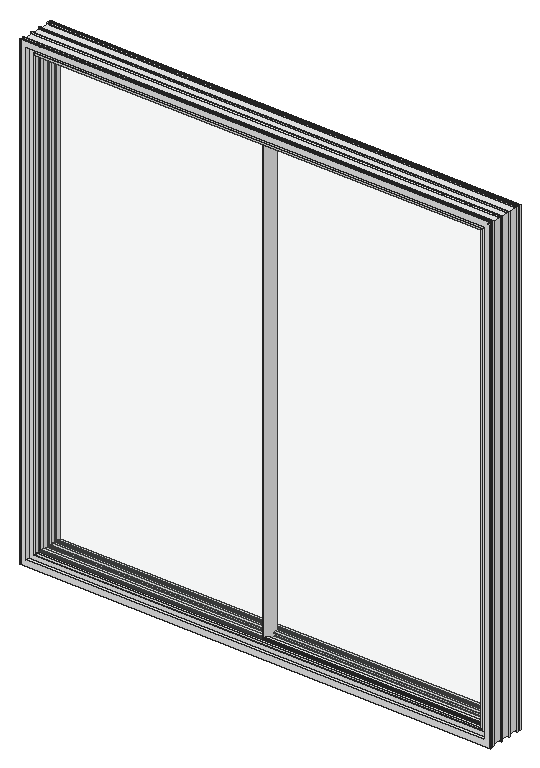
Revit family "LS60 A", category Generic Models, Revit 2015
Parameters
  w.5 = Width / 2  # 1000 mm
  b = 20 mm  # constant formula
  a = Height - 20 mm  # 1980 mm
  Width = 2000 mm
  W/6 = Width / 6  # 333.333 mm
  W/3 = Width / 3  # 666.667 mm
  URL = "www.nanawall.com"
  Model = "LS60 A"
  Manufacturer = "Nanawall"  # constant formula
  Height = 2000 mm
  Author = "Yepsketch"  # constant formula
Reference planes
  plane 1 "Center (Front/Back)": y = 0
  plane 2: z = 0
  plane 3 "Center (Left/Right)": x = 0
  plane 4: y = -24.625
  plane 5: y = 24.625
  plane 6 "referencia 1": x = 999.146
  plane 7: x = 2000
  plane 8: z = 2000
  plane 9: x = 998.291
  plane 10: x = 1000
  plane 11: x = 1999.146
  plane 12: x = 1998.291
  plane 13: x = 2000
Forms (mm)
  Sweep 1, solid, material "aluminio"
    path origin (0, 0, 0) x (1, 0, 0) y (0, 0, 1)
      loop
        line (0, 2000) -> (0, 0) -> (2000, 0) -> (2000, 2000) -> (0, 2000)
    profile "Profile LS60 : Profile LS60" origin (0, 0, 1000) x (1, 0, 0) y (0, -1, 0)
      loop
        line (0, -80) -> (23.023, -80) -> (23.023, -63.24) -> (43.023, -63.24) -> (44.372, -64.589) -> (52.124, -63.774) -> (52.124, -51.963) -> (47.124, -51.963) -> (47.124, -49.952) -> (45.546, -49.952) -> (45.546, -50.957) -> (36.121, -50.957) -> (36.121, -48.376) -> (37.059, -46.751) -> (37.059, -37.887) -> (36.121, -34.385) -> (45.546, -34.385) -> (45.546, -35.242) -> (47.124, -35.242) -> (47.124, -33.634) -> (52.124, -33.634) -> (52.124, -21.613) -> (44.522, -20.272)
        arc (44.522, -20.272) -> (43.498, -20.696) -> (43.074, -21.72) r 1.447
        line (43.074, -21.72) -> (36.761, -21.72) -> (33.516, -20.207) -> (33.516, 0) -> (33.516, 20.207) -> (36.761, 21.72) -> (43.074, 21.72)
        arc (43.074, 21.72) -> (43.498, 20.696) -> (44.522, 20.272) r 1.447
        line (44.522, 20.272) -> (52.124, 21.613) -> (52.124, 33.634) -> (47.124, 33.634) -> (47.124, 35.242) -> (45.546, 35.242) -> (45.546, 34.385) -> (36.121, 34.385) -> (37.059, 37.887) -> (37.059, 46.751) -> (36.121, 48.376) -> (36.121, 50.957) -> (45.546, 50.957) -> (45.546, 49.952) -> (47.124, 49.952) -> (47.124, 51.963) -> (52.124, 51.963) -> (52.124, 63.774) -> (44.372, 64.589) -> (43.023, 63.24) -> (23.023, 63.24) -> (23.023, 80) -> (0, 80) -> (0, 77.132) -> (1.648, 76.181) -> (1.648, 78.183)
        arc (1.648, 78.183) -> (3.568, 78.491) -> (4.84, 77.021) r 1.998
        line (4.84, 77.021) -> (4.84, 63.994) -> (1.648, 63.994) -> (1.648, 66.043) -> (0, 66.043) -> (0, 62.365) -> (4.84, 62.365) -> (4.84, 23.476)
        arc (4.84, 23.476) -> (2.71, 21.799) -> (0, 21.714) r 4.339
        line (0, 21.714) -> (0, 19.85) -> (1.835, 19.85) -> (1.835, 17.13) -> (4.252, 17.13) -> (4.252, 0) -> (4.252, -17.13) -> (1.835, -17.13) -> (1.835, -19.85) -> (0, -19.85) -> (0, -21.714)
        arc (0, -21.714) -> (2.71, -21.799) -> (4.84, -23.476) r 4.339
        line (4.84, -23.476) -> (4.84, -62.365) -> (0, -62.365) -> (0, -66.043) -> (1.648, -66.043) -> (1.648, -63.994) -> (4.84, -63.994) -> (4.84, -77.021)
        arc (4.84, -77.021) -> (3.568, -78.491) -> (1.648, -78.183) r 1.998
        line (1.648, -78.183) -> (1.648, -76.181) -> (0, -77.132) -> (0, -80)
  Extrusion 2, solid, material "aluminio"
    sketch origin (1000.708, 24.526, 0) x (1, 0, 0) y (0, 1, 0)
      loop
        line (-0.708, 11.475) -> (-2.417, 11.475) -> (-2.417, -60.525) -> (-0.708, -60.525) -> (-0.708, 11.475)
    from 20 <- "b" to 1980 <- "a"
  Extrusion 3, solid, material "Glass"
    sketch origin (6999.146, -6.138, 0) x (-1, 0, 0) y (0, -1, 0)
      loop
        line (5999.146, -6.139) -> (5028.282, -6.139) -> (5028.282, -42.139) -> (5999.146, -42.139) -> (5999.146, -6.139)
    from 20 <- "b" to 1980 <- "a"
  Extrusion 4, solid, material "Glass"
    sketch origin (999.146, 6.139, 0) x (1, 0, 0) y (0, 1, 0)
      loop
        line (-0.854, -6.139) -> (-971.718, -6.139) -> (-971.718, -42.139) -> (-0.854, -42.139) -> (-0.854, -6.139)
    from 20 <- "b" to 1980 <- "a"
Dimensions and locks
  "Width": plane 7 to plane 3 "Center (Left/Right)"
  "Height": plane 8 to level
  locked: plane 6 "referencia 1" to plane 9 at 0.854
  locked: plane 10 to plane 6 "referencia 1" at 0.854
  locked: plane 11 to plane 12 at 0.854
  locked: plane 13 to plane 11 at 0.854
  "w.5": plane 10 to plane 3 "Center (Left/Right)"
  "w.5": plane 13 to plane 10
  aligned and locked: level to plane 2
  aligned and locked: Sweep 1 sketch curve to plane 3 "Center (Left/Right)"
  aligned and locked: Sweep 1 sketch curve to plane 8
  aligned and locked: Sweep 1 sketch curve to plane 7
  aligned and locked: Sweep 1 sketch curve to level
  aligned and locked: Extrusion 2 to plane 9
  aligned and locked: Extrusion 2 sketch curve to plane 10
  aligned and locked: Extrusion 3 to Extrusion 2
  aligned and locked: Extrusion 4 to Extrusion 3
Automatic sketch dimensions
  Extrusion 2 sketch curve to plane 9 = 0 mm
  Extrusion 2 sketch curve to plane 4 = 11.375 mm
  Extrusion 2 sketch curve to plane 5 = 11.375 mm
  Extrusion 3 sketch curve to plane 10 = 0 mm
  Extrusion 3 sketch curve to plane 1 "Center (Front/Back)" = 36 mm
  Extrusion 3 sketch curve to plane 12 = 27.428 mm
  plane 4 to Extrusion 3 sketch curve = 24.625 mm
  Extrusion 4 sketch curve to plane 9 = 0 mm
  plane 3 "Center (Left/Right)" to Extrusion 4 sketch curve = 27.428 mm
  Extrusion 4 sketch curve to plane 4 = 11.375 mm
  plane 4 to Extrusion 4 sketch curve = 24.625 mm
